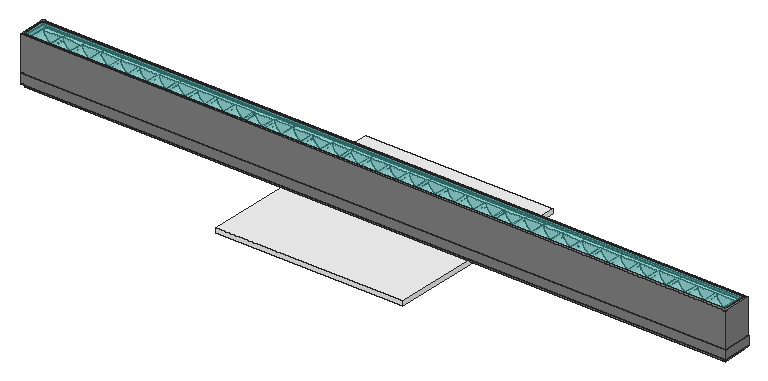
Revit family "BE_24317_de_DE", category Leuchten, Revit 2020
Family settings
  Basisbauteil = Fläche
  Bemaßung runder Anschluss = Durchmesser verwenden
  Teiletyp = Normal
  Beim Laden mit Abzugskörper schneiden = Ja
  Lichtquelle = Ja
  Gemeinsam genutzt = Nein
  Raumberechnungspunkt = Ja
Parameters (values of type "BEGA_24317_Grafit_K4")
  built-in parameter 1150104 = 16.602 (stored number, unit not read)
  Wattage = 48 W
  Default Elevation = 0 mm
  built-in parameter 1150113 = 1 (stored number, unit not read)
  built-in parameter 1114218 = 1 (stored number, unit not read)
  Umgebungstemperatur = "25 °C"
  URL = "https://www.bega.com/de/produkt/24317"
  Typenkommentare = "© 2022 BEGA. Wir behalten uns das Recht vor, technische Änderungen ohne vorherige Ankündigung vorzunehmen."  # constant formula
  Type Image = 24317.png
  built-in parameter 1150134 = 12
  built-in parameter 1150109 = 1 (stored number, unit not read)
  Strom = ""
  built-in parameter 1150110 = 1 (stored number, unit not read)
  Spannung = 239.996 V
  Sonderanfertigung = no
  Seriennummer [instance] = "Hier können Sie die eindeutige Seriennummer für das Facility Management eintragen."
  Schutzklasse = "I"
  Schutzart = "IP 65"
  Scheinlast = 0 VA
  Produktdatenblatt = "https://cdn.bega.com/bega/products/24317K3/current/documents/data-sheets/de"
  Oberflächentemperatur = ""
  Neigungswinkel = 0.00°
  Modell = "24317K4"
  Material_17 = BEGA_Reflektor
  Material_15 = BEGA_Leuchtmedium_matt
  Material_11 = BEGA_Glas_opal
  Material_09 = BEGA_Glas_klar
  Material_06 = BEGA_Oberfläche_Edelstahl_gebürstet
  Material_05 = BEGA_Oberfläche_Aluminium Guss
  Material_03 = BEGA_Oberfläche_Weiss_matt
  Material_02 = BEGA_Oberfläche_Silber_matt
  Material_01 [instance] = BEGA_Oberfläche_Grafit_matt
  M_W = no
  M_G = yes
  M_A = no
  Logo = 0
  built-in parameter 1114217 = 1 (stored number, unit not read)
  built-in parameter 1150139 = (empty or 0)
  built-in parameter 1150105 = 682.58 (stored number, unit not read)
  built-in parameter 1150114 = 1 (stored number, unit not read)
  Lumens = 8577.6 lm
  built-in parameter 1150115 = 1 (stored number, unit not read)
  Leuchtenlichtstrom = "6406 lm"
  Leuchtenanzahl = ""
  Lebensdauerkriterien = "L70B50 @ 25 °C = 200000 h"
  Lastklassifizierung = Beleuchtung
  built-in parameter 1150112 = 1 (stored number, unit not read)
  Lampenlichtstrom = "9090 lm"
  Lampe = "LED 47.4 W"
  LED_Modulbezeichnung = "LED-0771/840"
  built-in parameter 1150142 = (empty or 0)
  Hersteller = "BEGA"  # constant formula
  Halbstreuwinkel = ""
  Gewicht = "9.1 kg"
  Gebrauchslageneinschränkung [instance] = ""
  Frequenz = "0/50-60 Hz"
  Farbwiedergabeindex = "CRI > 80"
  Farbtemperaturverschiebung bei Dämpfen der Lampe = <Keine Auswahl>
  Farbtemperatur = "4000 K"
  Color Filter = 16777215
  built-in parameter 1150133 = 10 (stored number, unit not read)
  Energieeffizienzklasse = "LED A++ - A"
  built-in parameter 1150137 = (empty or 0)
  built-in parameter 1150132 = (empty or 0)
  ENEC = "ja"
  Dimmbar [instance] = "DALI"
  Datei für fotometrisches Netz = "BE_24317K4.IES"
  CE_Konformität = "ja"
  Bestellnummer = "24317K4"
  Beschreibung_Sonderanfertigung = "Hier können Sie Informationen zur Sonderanfertigung eintragen."
  Beschreibung = "Deckenaufbau-Tiefstrahler"
  built-in parameter 1150106 = 6.8258 (stored number, unit not read)
  Befestigungsbohrung = "Ø 7 mm"
  Befestigungsabstand = "1100 mm"
  Ballwurfsicher = ""
  BEGA_Intern_aus = yes
  BEGA_Intern_an = yes
  BEGA_Intern_Konstruktion = yes
  BEGA_Intern = yes
  BEGA_IES = yes
  BEGA_Dummy = no
  Anschlussleitung = ""
  Anschlussleistung [instance] = "54.4 W"
  Anschlusskasten = ""
  built-in parameter 1150107 = 4000 (stored number, unit not read)
  built-in parameter 1150102 = (empty or 0)
  built-in parameter 1150138 = (empty or 0)
  Aktualisierung = "2022-05-18T04:00:07"
  Abstand_zur_angestrahlten_Fläche [instance] = ""
  AC/DC = "AC/DC"
Types (2, lengths in mm): name | built-in parameter 1150104 | built-in parameter 1150134 | Modell | built-in parameter 1150105 | Lumens | Leuchtenlichtstrom | Lampenlichtstrom | LED_Modulbezeichnung | Farbtemperatur | Datei für fotometrisches Netz | Bestellnummer | built-in parameter 1150106 | built-in parameter 1150107
  BEGA_24317_Grafit_K4 | 16.602 (stored number, unit not read) | 12 | "24317K4" | 682.58 (stored number, unit not read) | 8577.6 lm | "6406 lm" | "9090 lm" | "LED-0771/840" | "4000 K" | "BE_24317K4.IES" | "24317K4" | 6.8258 (stored number, unit not read) | 4000 (stored number, unit not read)
  BEGA_24317_Grafit_K3 | 16.202 (stored number, unit not read) | (empty or 0) | "24317K3" | 666.16 (stored number, unit not read) | 8371.2 lm | "6209 lm" | "8850 lm" | "LED-0771/830" | "3000 K" | "BE_24317K3.IES" | "24317K3" | 6.6616 (stored number, unit not read) | 3000 (stored number, unit not read)
Reference planes
  plane 1 "Mitte (Vorne/Hinten)": y = 0
  plane 2: z = 0
  plane 3 "Mitte (Links/Rechts)": x = 0
  plane 4 "Links": x = -752
  plane 5 "Rechts": x = 752
  plane 6 "Unten": y = -30
  plane 7 "Oben": y = 30
  plane 8 "Vorne": z = 101
  plane 9 "Hinten": z = 0
Forms (mm)
  Extrusion 1, solid, material "BEGA_Platte_Weiss"
    sketch origin (0, -1119.2, 0) x (1, 0, 0) y (0, 1, 0)
      loop
        line (-200, 1319.2) -> (-200, 919.2) -> (200, 919.2) -> (200, 1319.2) -> (-200, 1319.2)
    from 0 to -10
  Extrusion 2, solid, material "BEGA_Dummy_matt", visible <- "BEGA_Dummy"
    sketch origin (80.095, -76.023, 0) x (1, 0, 0) y (0, 1, 0)
      loop
        line (-832.095, 106.023) -> (-832.095, 46.023) -> (671.905, 46.023) -> (671.905, 106.023) -> (-832.095, 106.023)
    from 0 to 101
Dimensions and locks
  plane 1 "Mitte (Vorne/Hinten)" to Extrusion 1 = 200 mm
  aligned and locked: plane 2 to Extrusion 1
  aligned and locked: level to Extrusion 1
Nested families
  nested 1: "BE_24317" at (0, 0, 0), type "BE_24317"
Connectors
  electrical at (0, 0, 0), driven by "Lastklassifizierung", driven by "Spannung", driven by "Scheinlast"
    settings: index 1, voltage 239.996 V, apparent load 0 VA, apparent load phase1 0 VA, apparent load phase2 0 VA, apparent load phase3 0 VA, power factor 1, load classification "Beleuchtung", number of poles 1, system type 31, power factor state 1, is connector primary yes, connector utility no, sub classification motor no, connector description ""
Definition of nested family "BE_24317"
  Parameters (values of type "BE_24317")
    Default Elevation = 1 mm
    URL = "http://www.bega.de/de/produkt"
    Type Comments = "© 2015 BEGA. Wir behalten uns das Recht vor, technische Änderungen ohne vorherige Ankündigung vorzunehmen. "  # constant formula
    Type Image = (empty or 0)
    Neigungswinkel_um_Z2 = 0.00°
    Neigungswinkel_um_Z1 = 0.00°
    Neigungswinkel_um_Y2 = 0.00°
    Neigungswinkel_um_Y1 = 0.00°
    Neigungswinkel_um_X2 = 0.00°
    Neigungswinkel_um_X1 = 0.00°
    Material_17 = none
    Material_15 = none
    Material_11 = none
    Material_09 = none
    Material_06 = none
    Material_05 = none
    Material_03 = none
    Material_02 = none
    Material_01 = none
    M_W = yes
    M_G = yes
    M_A = yes
    Länge_Platte = 1700 mm  # constant formula
    Höhe_Platte = -10 mm  # constant formula
    Manufacturer = "BEGA"  # constant formula
    Drehwinkel_um_Z2 = 0.00°
    Drehwinkel_um_Z1 = 0.00°
    Breite_Platte = 200 mm  # constant formula
  Reference planes
    plane 1 "Mitte (Oben/Unten)": y = 0
    plane 2: z = 0
    plane 3 "Mitte (Links/Rechts)": x = 0
    plane 4: z = 101
    plane 5: y = 30
    plane 6: y = -30
    plane 7: x = -752
    plane 8: x = 752
  Forms (mm)
    Extrusion 1, solid, detail levels medium
      sketch origin (0, 0, 0) x (1, 0, 0) y (0, 1, 0)
        loop
          line (-850, 100) -> (-850, -100) -> (850, -100) -> (850, 100) -> (-850, 100)
      from 0 to -10 <- "Höhe_Platte"
    Extrusion 2, solid, material <- "Material_17", detail levels medium+fine
      sketch origin (0, 0, 0) x (1, 0, 0) y (0, 0, 1)
        loop
          line (-219.896, 71.065) -> (-217.905, 71.065)
          arc (-217.905, 71.065) -> (-209.513, 79.101) -> (-205.033, 89.821) r 28.453
          arc (-205.033, 89.821) -> (-200.531, 79.07) -> (-192.095, 71.026) r 28.448
          line (-192.095, 71.026) -> (-190.104, 71.026)
          arc (-190.104, 71.026) -> (-200.884, 81.497) -> (-204.535, 96.076) r 27.451
          line (-204.535, 96.076) -> (-205.537, 96.076)
          arc (-205.537, 96.076) -> (-209.167, 81.533) -> (-219.896, 71.065) r 27.451
        loop
          arc (-231.11, 71.026) -> (-241.883, 81.493) -> (-245.534, 96.064) r 27.449
          line (-245.534, 96.064) -> (-246.421, 96.064)
          arc (-246.421, 96.064) -> (-250.067, 81.523) -> (-260.809, 71.066) r 27.448
          line (-260.809, 71.066) -> (-258.842, 71.066)
          arc (-258.842, 71.066) -> (-250.41, 79.217) -> (-245.979, 90.076) r 28.466
          arc (-245.979, 90.076) -> (-241.539, 79.189) -> (-233.077, 71.026) r 28.467
          line (-233.077, 71.026) -> (-231.11, 71.026)
        loop
          arc (245.487, 96.076) -> (241.847, 81.515) -> (231.092, 71.045) r 27.451
          line (231.092, 71.045) -> (233.084, 71.045)
          arc (233.084, 71.045) -> (241.527, 79.128) -> (246.008, 89.923) r 28.451
          arc (246.008, 89.923) -> (250.453, 79.153) -> (258.842, 71.066) r 28.466
          line (258.842, 71.066) -> (260.809, 71.066)
          arc (260.809, 71.066) -> (250.064, 81.528) -> (246.421, 96.076) r 27.448
          line (246.421, 96.076) -> (245.487, 96.076)
        loop
          arc (-176.905, 71.026) -> (-168.516, 79.04) -> (-164.018, 89.734) r 28.485
          arc (-164.018, 89.734) -> (-159.507, 79.033) -> (-151.095, 71.026) r 28.447
          line (-151.095, 71.026) -> (-149.107, 71.026)
          arc (-149.107, 71.026) -> (-159.887, 81.497) -> (-163.538, 96.076) r 27.451
          line (-163.538, 96.076) -> (-164.537, 96.076)
          arc (-164.537, 96.076) -> (-168.157, 81.51) -> (-178.896, 71.026) r 27.452
          line (-178.896, 71.026) -> (-176.905, 71.026)
        loop
          arc (-108.107, 71.026) -> (-118.887, 81.497) -> (-122.538, 96.076) r 27.451
          line (-122.538, 96.076) -> (-123.54, 96.076)
          arc (-123.54, 96.076) -> (-127.17, 81.533) -> (-137.899, 71.065) r 27.451
          line (-137.899, 71.065) -> (-135.908, 71.065)
          arc (-135.908, 71.065) -> (-127.516, 79.101) -> (-123.036, 89.821) r 28.453
          arc (-123.036, 89.821) -> (-118.534, 79.07) -> (-110.098, 71.026) r 28.448
          line (-110.098, 71.026) -> (-108.107, 71.026)
        loop
          line (-96.899, 71.065) -> (-94.908, 71.065)
          arc (-94.908, 71.065) -> (-86.517, 79.099) -> (-82.037, 89.818) r 28.453
          arc (-82.037, 89.818) -> (-77.535, 79.068) -> (-69.1, 71.026) r 28.448
          line (-69.1, 71.026) -> (-67.108, 71.026)
          arc (-67.108, 71.026) -> (-77.889, 81.497) -> (-81.539, 96.076) r 27.451
          line (-81.539, 96.076) -> (-82.54, 96.076)
          arc (-82.54, 96.076) -> (-86.17, 81.533) -> (-96.899, 71.065) r 27.451
        loop
          arc (55.889, 71.045) -> (45.134, 81.515) -> (41.494, 96.076) r 27.451
          line (41.494, 96.076) -> (40.492, 96.076)
          arc (40.492, 96.076) -> (36.851, 81.515) -> (26.097, 71.045) r 27.451
          line (26.097, 71.045) -> (28.088, 71.045)
          arc (28.088, 71.045) -> (36.502, 79.085) -> (40.993, 89.821) r 28.451
          arc (40.993, 89.821) -> (45.484, 79.085) -> (53.898, 71.045) r 28.451
          line (53.898, 71.045) -> (55.889, 71.045)
        loop
          line (67.097, 71.045) -> (69.088, 71.045)
          arc (69.088, 71.045) -> (77.501, 79.084) -> (81.992, 89.818) r 28.451
          arc (81.992, 89.818) -> (86.483, 79.084) -> (94.896, 71.045) r 28.451
          line (94.896, 71.045) -> (96.887, 71.045)
          arc (96.887, 71.045) -> (86.133, 81.515) -> (82.492, 96.076) r 27.451
          line (82.492, 96.076) -> (81.492, 96.076)
          arc (81.492, 96.076) -> (77.851, 81.515) -> (67.097, 71.045) r 27.451
        loop
          arc (14.886, 71.045) -> (4.133, 81.515) -> (0.494, 96.076) r 27.451
          line (0.494, 96.076) -> (-0.505, 96.076)
          arc (-0.505, 96.076) -> (-4.146, 81.506) -> (-14.9, 71.024) r 27.487
          line (-14.9, 71.024) -> (-12.912, 71.024)
          arc (-12.912, 71.024) -> (-4.497, 79.072) -> (-0.005, 89.816) r 28.486
          arc (-0.005, 89.816) -> (4.486, 79.083) -> (12.898, 71.045) r 28.449
          line (12.898, 71.045) -> (14.886, 71.045)
        loop
          line (-55.9, 71.065) -> (-53.909, 71.065)
          arc (-53.909, 71.065) -> (-45.519, 79.099) -> (-41.039, 89.816) r 28.453
          arc (-41.039, 89.816) -> (-36.536, 79.057) -> (-28.1, 71.004) r 28.485
          line (-28.1, 71.004) -> (-26.108, 71.004)
          arc (-26.108, 71.004) -> (-36.889, 81.488) -> (-40.539, 96.076) r 27.487
          line (-40.539, 96.076) -> (-41.541, 96.076)
          arc (-41.541, 96.076) -> (-45.172, 81.533) -> (-55.9, 71.065) r 27.451
        loop
          line (108.095, 71.045) -> (110.087, 71.045)
          arc (110.087, 71.045) -> (118.5, 79.085) -> (122.991, 89.821) r 28.451
          arc (122.991, 89.821) -> (127.482, 79.085) -> (135.896, 71.045) r 28.451
          line (135.896, 71.045) -> (137.887, 71.045)
          arc (137.887, 71.045) -> (127.133, 81.515) -> (123.492, 96.076) r 27.451
          line (123.492, 96.076) -> (122.49, 96.076)
          arc (122.49, 96.076) -> (118.85, 81.515) -> (108.095, 71.045) r 27.451
        loop
          line (149.098, 71.045) -> (151.086, 71.045)
          arc (151.086, 71.045) -> (159.5, 79.085) -> (163.99, 89.821) r 28.449
          arc (163.99, 89.821) -> (168.481, 79.085) -> (176.896, 71.045) r 28.449
          line (176.896, 71.045) -> (178.884, 71.045)
          arc (178.884, 71.045) -> (168.13, 81.515) -> (164.489, 96.076) r 27.451
          line (164.489, 96.076) -> (163.49, 96.076)
          arc (163.49, 96.076) -> (159.851, 81.515) -> (149.098, 71.045) r 27.451
        loop
          arc (219.884, 71.045) -> (209.13, 81.515) -> (205.489, 96.076) r 27.451
          line (205.489, 96.076) -> (204.487, 96.076)
          arc (204.487, 96.076) -> (200.847, 81.515) -> (190.092, 71.045) r 27.451
          line (190.092, 71.045) -> (192.084, 71.045)
          arc (192.084, 71.045) -> (200.498, 79.085) -> (204.988, 89.821) r 28.451
          arc (204.988, 89.821) -> (209.479, 79.085) -> (217.893, 71.045) r 28.451
          line (217.893, 71.045) -> (219.884, 71.045)
        loop
          arc (-272.023, 71.066) -> (-282.772, 81.527) -> (-286.418, 96.076) r 27.45
          line (-286.418, 96.076) -> (-287.42, 96.076)
          arc (-287.42, 96.076) -> (-291.06, 81.515) -> (-301.815, 71.045) r 27.451
          line (-301.815, 71.045) -> (-299.824, 71.045)
          arc (-299.824, 71.045) -> (-291.406, 79.09) -> (-286.917, 89.833) r 28.451
          arc (-286.917, 89.833) -> (-282.425, 79.102) -> (-274.014, 71.066) r 28.45
          line (-274.014, 71.066) -> (-272.023, 71.066)
        loop
          line (-315.014, 71.045) -> (-313.023, 71.045)
          arc (-313.023, 71.045) -> (-323.778, 81.515) -> (-327.418, 96.076) r 27.451
          line (-327.418, 96.076) -> (-328.417, 96.076)
          arc (-328.417, 96.076) -> (-332.058, 81.515) -> (-342.812, 71.045) r 27.451
          line (-342.812, 71.045) -> (-340.824, 71.045)
          arc (-340.824, 71.045) -> (-332.409, 79.085) -> (-327.918, 89.821) r 28.449
          arc (-327.918, 89.821) -> (-323.427, 79.085) -> (-315.014, 71.045) r 28.449
        loop
          line (-383.812, 71.045) -> (-381.821, 71.045)
          arc (-381.821, 71.045) -> (-373.407, 79.085) -> (-368.916, 89.821) r 28.451
          arc (-368.916, 89.821) -> (-364.425, 79.085) -> (-356.011, 71.045) r 28.451
          line (-356.011, 71.045) -> (-354.02, 71.045)
          arc (-354.02, 71.045) -> (-364.775, 81.515) -> (-368.415, 96.076) r 27.451
          line (-368.415, 96.076) -> (-369.417, 96.076)
          arc (-369.417, 96.076) -> (-373.058, 81.515) -> (-383.812, 71.045) r 27.451
        loop
          arc (-395.02, 71.045) -> (-405.775, 81.515) -> (-409.415, 96.076) r 27.451
          line (-409.415, 96.076) -> (-410.416, 96.076)
          arc (-410.416, 96.076) -> (-414.056, 81.515) -> (-424.811, 71.045) r 27.451
          line (-424.811, 71.045) -> (-422.819, 71.045)
          arc (-422.819, 71.045) -> (-414.407, 79.084) -> (-409.915, 89.818) r 28.451
          arc (-409.915, 89.818) -> (-405.424, 79.084) -> (-397.011, 71.045) r 28.451
          line (-397.011, 71.045) -> (-395.02, 71.045)
        loop
          arc (-436.019, 71.045) -> (-446.773, 81.515) -> (-450.414, 96.076) r 27.451
          line (-450.414, 96.076) -> (-451.416, 96.076)
          arc (-451.416, 96.076) -> (-455.056, 81.515) -> (-465.811, 71.045) r 27.451
          line (-465.811, 71.045) -> (-463.819, 71.045)
          arc (-463.819, 71.045) -> (-455.406, 79.085) -> (-450.915, 89.821) r 28.451
          arc (-450.915, 89.821) -> (-446.424, 79.085) -> (-438.01, 71.045) r 28.451
          line (-438.01, 71.045) -> (-436.019, 71.045)
        loop
          arc (-477.019, 71.045) -> (-487.773, 81.515) -> (-491.414, 96.076) r 27.451
          line (-491.414, 96.076) -> (-492.413, 96.076)
          arc (-492.413, 96.076) -> (-496.056, 81.528) -> (-506.801, 71.066) r 27.448
          line (-506.801, 71.066) -> (-504.833, 71.066)
          arc (-504.833, 71.066) -> (-496.393, 79.229) -> (-491.966, 90.104) r 28.466
          arc (-491.966, 90.104) -> (-487.503, 79.203) -> (-479.007, 71.045) r 28.449
          line (-479.007, 71.045) -> (-477.019, 71.045)
        loop
          line (272.023, 71.066) -> (274.014, 71.066)
          arc (274.014, 71.066) -> (282.425, 79.102) -> (286.917, 89.833) r 28.45
          arc (286.917, 89.833) -> (291.406, 79.09) -> (299.824, 71.045) r 28.451
          line (299.824, 71.045) -> (301.815, 71.045)
          arc (301.815, 71.045) -> (291.06, 81.515) -> (287.42, 96.076) r 27.451
          line (287.42, 96.076) -> (286.418, 96.076)
          arc (286.418, 96.076) -> (282.772, 81.527) -> (272.023, 71.066) r 27.45
        loop
          arc (315.014, 71.045) -> (323.427, 79.085) -> (327.918, 89.821) r 28.449
          arc (327.918, 89.821) -> (332.409, 79.085) -> (340.824, 71.045) r 28.449
          line (340.824, 71.045) -> (342.812, 71.045)
          arc (342.812, 71.045) -> (332.058, 81.515) -> (328.417, 96.076) r 27.451
          line (328.417, 96.076) -> (327.418, 96.076)
          arc (327.418, 96.076) -> (323.778, 81.515) -> (313.023, 71.045) r 27.451
          line (313.023, 71.045) -> (315.014, 71.045)
        loop
          arc (383.812, 71.045) -> (373.058, 81.515) -> (369.417, 96.076) r 27.451
          line (369.417, 96.076) -> (368.415, 96.076)
          arc (368.415, 96.076) -> (364.775, 81.515) -> (354.02, 71.045) r 27.451
          line (354.02, 71.045) -> (356.011, 71.045)
          arc (356.011, 71.045) -> (364.425, 79.085) -> (368.916, 89.821) r 28.451
          arc (368.916, 89.821) -> (373.407, 79.085) -> (381.821, 71.045) r 28.451
          line (381.821, 71.045) -> (383.812, 71.045)
        loop
          line (395.02, 71.045) -> (397.011, 71.045)
          arc (397.011, 71.045) -> (405.424, 79.084) -> (409.915, 89.818) r 28.451
          arc (409.915, 89.818) -> (414.407, 79.084) -> (422.819, 71.045) r 28.451
          line (422.819, 71.045) -> (424.811, 71.045)
          arc (424.811, 71.045) -> (414.056, 81.515) -> (410.416, 96.076) r 27.451
          line (410.416, 96.076) -> (409.415, 96.076)
          arc (409.415, 96.076) -> (405.775, 81.515) -> (395.02, 71.045) r 27.451
        loop
          line (436.019, 71.045) -> (438.01, 71.045)
          arc (438.01, 71.045) -> (446.424, 79.085) -> (450.915, 89.821) r 28.451
          arc (450.915, 89.821) -> (455.406, 79.085) -> (463.819, 71.045) r 28.451
          line (463.819, 71.045) -> (465.811, 71.045)
          arc (465.811, 71.045) -> (455.056, 81.515) -> (451.416, 96.076) r 27.451
          line (451.416, 96.076) -> (450.414, 96.076)
          arc (450.414, 96.076) -> (446.773, 81.515) -> (436.019, 71.045) r 27.451
        loop
          line (477.019, 71.045) -> (479.007, 71.045)
          arc (479.007, 71.045) -> (487.503, 79.203) -> (491.966, 90.103) r 28.449
          arc (491.966, 90.103) -> (496.394, 79.228) -> (504.833, 71.066) r 28.467
          line (504.833, 71.066) -> (506.801, 71.066)
          arc (506.801, 71.066) -> (496.056, 81.528) -> (492.413, 96.076) r 27.449
          line (492.413, 96.076) -> (491.414, 96.076)
          arc (491.414, 96.076) -> (487.773, 81.515) -> (477.019, 71.045) r 27.451
        loop
          arc (-518.015, 71.066) -> (-528.764, 81.527) -> (-532.41, 96.076) r 27.45
          line (-532.41, 96.076) -> (-533.412, 96.076)
          arc (-533.412, 96.076) -> (-537.052, 81.515) -> (-547.807, 71.045) r 27.451
          line (-547.807, 71.045) -> (-545.816, 71.045)
          arc (-545.816, 71.045) -> (-537.398, 79.09) -> (-532.908, 89.833) r 28.451
          arc (-532.908, 89.833) -> (-528.417, 79.102) -> (-520.006, 71.066) r 28.45
          line (-520.006, 71.066) -> (-518.015, 71.066)
        loop
          line (-561.006, 71.045) -> (-559.015, 71.045)
          arc (-559.015, 71.045) -> (-569.769, 81.515) -> (-573.41, 96.076) r 27.451
          line (-573.41, 96.076) -> (-574.409, 96.076)
          arc (-574.409, 96.076) -> (-578.049, 81.515) -> (-588.804, 71.045) r 27.451
          line (-588.804, 71.045) -> (-586.815, 71.045)
          arc (-586.815, 71.045) -> (-578.401, 79.085) -> (-573.909, 89.821) r 28.449
          arc (-573.909, 89.821) -> (-569.419, 79.085) -> (-561.006, 71.045) r 28.449
        loop
          line (-629.804, 71.045) -> (-627.813, 71.045)
          arc (-627.813, 71.045) -> (-619.399, 79.085) -> (-614.908, 89.821) r 28.451
          arc (-614.908, 89.821) -> (-610.417, 79.085) -> (-602.003, 71.045) r 28.451
          line (-602.003, 71.045) -> (-600.012, 71.045)
          arc (-600.012, 71.045) -> (-610.766, 81.515) -> (-614.407, 96.076) r 27.451
          line (-614.407, 96.076) -> (-615.409, 96.076)
          arc (-615.409, 96.076) -> (-619.049, 81.515) -> (-629.804, 71.045) r 27.451
        loop
          arc (-641.012, 71.045) -> (-651.766, 81.515) -> (-655.407, 96.076) r 27.451
          line (-655.407, 96.076) -> (-656.407, 96.076)
          arc (-656.407, 96.076) -> (-660.048, 81.515) -> (-670.802, 71.045) r 27.451
          line (-670.802, 71.045) -> (-668.811, 71.045)
          arc (-668.811, 71.045) -> (-660.398, 79.084) -> (-655.907, 89.818) r 28.451
          arc (-655.907, 89.818) -> (-651.416, 79.084) -> (-643.003, 71.045) r 28.451
          line (-643.003, 71.045) -> (-641.012, 71.045)
        loop
          arc (-682.01, 71.045) -> (-692.765, 81.515) -> (-696.405, 96.076) r 27.451
          line (-696.405, 96.076) -> (-697.407, 96.076)
          arc (-697.407, 96.076) -> (-701.048, 81.515) -> (-711.802, 71.045) r 27.451
          line (-711.802, 71.045) -> (-709.811, 71.045)
          arc (-709.811, 71.045) -> (-701.397, 79.085) -> (-696.906, 89.821) r 28.451
          arc (-696.906, 89.821) -> (-692.416, 79.085) -> (-684.002, 71.045) r 28.451
          line (-684.002, 71.045) -> (-682.01, 71.045)
        loop
          arc (-723.01, 71.045) -> (-733.765, 81.515) -> (-737.405, 96.076) r 27.451
          line (-737.405, 96.076) -> (-738.405, 96.076)
          arc (-738.405, 96.076) -> (-735.048, 81.768) -> (-724.999, 71.045) r 28.449
          line (-724.999, 71.045) -> (-723.01, 71.045)
        loop
          line (518.015, 71.066) -> (520.006, 71.066)
          arc (520.006, 71.066) -> (528.417, 79.102) -> (532.909, 89.833) r 28.45
          arc (532.909, 89.833) -> (537.398, 79.09) -> (545.816, 71.045) r 28.451
          line (545.816, 71.045) -> (547.807, 71.045)
          arc (547.807, 71.045) -> (537.052, 81.515) -> (533.412, 96.076) r 27.451
          line (533.412, 96.076) -> (532.41, 96.076)
          arc (532.41, 96.076) -> (528.764, 81.527) -> (518.015, 71.066) r 27.45
        loop
          arc (561.006, 71.045) -> (569.419, 79.085) -> (573.909, 89.821) r 28.449
          arc (573.909, 89.821) -> (578.401, 79.085) -> (586.815, 71.045) r 28.449
          line (586.815, 71.045) -> (588.804, 71.045)
          arc (588.804, 71.045) -> (578.049, 81.515) -> (574.409, 96.076) r 27.451
          line (574.409, 96.076) -> (573.41, 96.076)
          arc (573.41, 96.076) -> (569.769, 81.515) -> (559.015, 71.045) r 27.451
          line (559.015, 71.045) -> (561.006, 71.045)
        loop
          arc (629.804, 71.045) -> (619.049, 81.515) -> (615.409, 96.076) r 27.451
          line (615.409, 96.076) -> (614.407, 96.076)
          arc (614.407, 96.076) -> (610.766, 81.515) -> (600.012, 71.045) r 27.451
          line (600.012, 71.045) -> (602.003, 71.045)
          arc (602.003, 71.045) -> (610.417, 79.085) -> (614.908, 89.821) r 28.451
          arc (614.908, 89.821) -> (619.399, 79.085) -> (627.813, 71.045) r 28.451
          line (627.813, 71.045) -> (629.804, 71.045)
        loop
          line (641.012, 71.045) -> (643.003, 71.045)
          arc (643.003, 71.045) -> (651.416, 79.084) -> (655.907, 89.818) r 28.451
          arc (655.907, 89.818) -> (660.398, 79.084) -> (668.811, 71.045) r 28.451
          line (668.811, 71.045) -> (670.802, 71.045)
          arc (670.802, 71.045) -> (660.048, 81.515) -> (656.407, 96.076) r 27.451
          line (656.407, 96.076) -> (655.407, 96.076)
          arc (655.407, 96.076) -> (651.766, 81.515) -> (641.012, 71.045) r 27.451
        loop
          line (682.01, 71.045) -> (684.002, 71.045)
          arc (684.002, 71.045) -> (692.416, 79.085) -> (696.906, 89.821) r 28.451
          arc (696.906, 89.821) -> (701.397, 79.085) -> (709.811, 71.045) r 28.451
          line (709.811, 71.045) -> (711.802, 71.045)
          arc (711.802, 71.045) -> (701.048, 81.515) -> (697.407, 96.076) r 27.451
          line (697.407, 96.076) -> (696.405, 96.076)
          arc (696.405, 96.076) -> (692.765, 81.515) -> (682.01, 71.045) r 27.451
        loop
          line (723.01, 71.045) -> (724.999, 71.045)
          arc (724.999, 71.045) -> (735.048, 81.768) -> (738.405, 96.076) r 28.449
          line (738.405, 96.076) -> (737.405, 96.076)
          arc (737.405, 96.076) -> (733.765, 81.515) -> (723.01, 71.045) r 27.451
      from -21 to 21
    Sweep 3, solid, material <- "Material_01", detail levels medium+fine
      path origin (0, 0, 0) x (1, 0, 0) y (0, 1, 0)
        loop
          line (-752, 30) -> (-752, -30) -> (752, -30) -> (752, 30) -> (-752, 30)
      profile origin (0, 30, 0) x (0, 1, 0) y (0, 0, 1)
        loop
          line (-0.5, 101) -> (-3.044, 101) -> (-4.682, 96.5) -> (-8.994, 96.5) -> (-8.994, 94) -> (-2.8, 94) -> (-2.8, 26) -> (-0.5, 26)
          arc (-0.5, 26) -> (-0.146, 26.146) -> (0, 26.5) r 0.5
          line (0, 26.5) -> (0, 100.5)
          arc (0, 100.5) -> (-0.146, 100.854) -> (-0.5, 101) r 0.5
    Extrusion 4, solid, material <- "Material_01", detail levels medium+fine
      sketch origin (0, 0, 0) x (1, 0, 0) y (0, 0, 1)
        loop
          line (-738.405, 94) -> (-738.405, 96.5) -> (-745.226, 96.5) -> (-745.226, 94) -> (-738.405, 94)
        loop
          line (738.405, 94) -> (745.226, 94) -> (745.226, 96.5) -> (738.405, 96.5) -> (738.405, 94)
      from -22.05 to 22.05
    Extrusion 5, solid, material <- "Material_09", detail levels medium+fine
      sketch origin (0, 0, 0) x (0, 1, 0) y (0, 0, 1)
        loop
          line (25, 96.7) -> (25, 100.7) -> (-25, 100.7) -> (-25, 96.7) -> (25, 96.7)
      from -747.318 to 747.318
    Extrusion 6, solid, material <- "Material_15", detail levels medium+fine
      sketch origin (0, 13.25, 0) x (1, 0, 0) y (0, 1, 0)
        loop
          line (-228.7, 3.2) -> (-228.7, -3.2) -> (-222.3, -3.2) -> (-222.3, 3.2) -> (-228.7, 3.2)
        loop
          line (-187.7, 3.2) -> (-187.7, -3.2) -> (-181.3, -3.2) -> (-181.3, 3.2) -> (-187.7, 3.2)
        loop
          line (-146.703, 3.2) -> (-146.703, -3.2) -> (-140.303, -3.2) -> (-140.303, 3.2) -> (-146.703, 3.2)
        loop
          line (-105.703, 3.2) -> (-105.703, -3.2) -> (-99.303, -3.2) -> (-99.303, 3.2) -> (-105.703, 3.2)
        loop
          line (-64.704, 3.2) -> (-64.704, -3.2) -> (-58.304, -3.2) -> (-58.304, 3.2) -> (-64.704, 3.2)
        loop
          line (-23.704, 3.2) -> (-23.704, -3.2) -> (-17.304, -3.2) -> (-17.304, 3.2) -> (-23.704, 3.2)
        loop
          line (17.293, 3.2) -> (17.293, -3.2) -> (23.693, -3.2) -> (23.693, 3.2) -> (17.293, 3.2)
        loop
          line (58.293, 3.2) -> (58.293, -3.2) -> (64.693, -3.2) -> (64.693, 3.2) -> (58.293, 3.2)
        loop
          line (99.291, 3.2) -> (99.291, -3.2) -> (105.691, -3.2) -> (105.691, 3.2) -> (99.291, 3.2)
        loop
          line (140.291, 3.2) -> (140.291, -3.2) -> (146.691, -3.2) -> (146.691, 3.2) -> (140.291, 3.2)
        loop
          line (181.288, 3.2) -> (181.288, -3.2) -> (187.688, -3.2) -> (187.688, 3.2) -> (181.288, 3.2)
        loop
          line (222.288, 3.2) -> (222.288, -3.2) -> (228.688, -3.2) -> (228.688, 3.2) -> (222.288, 3.2)
        loop
          line (-269.7, 3.2) -> (-269.7, -3.2) -> (-263.3, -3.2) -> (-263.3, 3.2) -> (-269.7, 3.2)
        loop
          line (-310.7, 3.2) -> (-310.7, -3.2) -> (-304.3, -3.2) -> (-304.3, 3.2) -> (-310.7, 3.2)
        loop
          line (-351.7, 3.2) -> (-351.7, -3.2) -> (-345.3, -3.2) -> (-345.3, 3.2) -> (-351.7, 3.2)
        loop
          line (-392.7, 3.2) -> (-392.7, -3.2) -> (-386.3, -3.2) -> (-386.3, 3.2) -> (-392.7, 3.2)
        loop
          line (-433.7, 3.2) -> (-433.7, -3.2) -> (-427.3, -3.2) -> (-427.3, 3.2) -> (-433.7, 3.2)
        loop
          line (-474.7, 3.2) -> (-474.7, -3.2) -> (-468.3, -3.2) -> (-468.3, 3.2) -> (-474.7, 3.2)
        loop
          line (269.7, 3.2) -> (263.3, 3.2) -> (263.3, -3.2) -> (269.7, -3.2) -> (269.7, 3.2)
        loop
          line (310.7, 3.2) -> (304.3, 3.2) -> (304.3, -3.2) -> (310.7, -3.2) -> (310.7, 3.2)
        loop
          line (351.7, 3.2) -> (345.3, 3.2) -> (345.3, -3.2) -> (351.7, -3.2) -> (351.7, 3.2)
        loop
          line (392.7, 3.2) -> (386.3, 3.2) -> (386.3, -3.2) -> (392.7, -3.2) -> (392.7, 3.2)
        loop
          line (433.7, 3.2) -> (427.3, 3.2) -> (427.3, -3.2) -> (433.7, -3.2) -> (433.7, 3.2)
        loop
          line (474.7, 3.2) -> (468.3, 3.2) -> (468.3, -3.2) -> (474.7, -3.2) -> (474.7, 3.2)
        loop
          line (-515.7, 3.2) -> (-515.7, -3.2) -> (-509.3, -3.2) -> (-509.3, 3.2) -> (-515.7, 3.2)
        loop
          line (-556.7, 3.2) -> (-556.7, -3.2) -> (-550.3, -3.2) -> (-550.3, 3.2) -> (-556.7, 3.2)
        loop
          line (-597.7, 3.2) -> (-597.7, -3.2) -> (-591.3, -3.2) -> (-591.3, 3.2) -> (-597.7, 3.2)
        loop
          line (-638.7, 3.2) -> (-638.7, -3.2) -> (-632.3, -3.2) -> (-632.3, 3.2) -> (-638.7, 3.2)
        loop
          line (-679.7, 3.2) -> (-679.7, -3.2) -> (-673.3, -3.2) -> (-673.3, 3.2) -> (-679.7, 3.2)
        loop
          line (-720.7, 3.2) -> (-720.7, -3.2) -> (-714.3, -3.2) -> (-714.3, 3.2) -> (-720.7, 3.2)
        loop
          line (515.7, 3.2) -> (509.3, 3.2) -> (509.3, -3.2) -> (515.7, -3.2) -> (515.7, 3.2)
        loop
          line (556.7, 3.2) -> (550.3, 3.2) -> (550.3, -3.2) -> (556.7, -3.2) -> (556.7, 3.2)
        loop
          line (597.7, 3.2) -> (591.3, 3.2) -> (591.3, -3.2) -> (597.7, -3.2) -> (597.7, 3.2)
        loop
          line (638.7, 3.2) -> (632.3, 3.2) -> (632.3, -3.2) -> (638.7, -3.2) -> (638.7, 3.2)
        loop
          line (679.7, 3.2) -> (673.3, 3.2) -> (673.3, -3.2) -> (679.7, -3.2) -> (679.7, 3.2)
        loop
          line (720.7, 3.2) -> (714.3, 3.2) -> (714.3, -3.2) -> (720.7, -3.2) -> (720.7, 3.2)
      from 70 to 69.119
    Sweep 7, solid, material <- "Material_01", detail levels medium+fine
      path origin (0, 0, 0) x (1, 0, 0) y (0, 1, 0)
        loop
          line (752, 30) -> (-752, 30) -> (-752, -30) -> (752, -30) -> (752, 30)
      profile origin (0, 30, 0) x (0, -1, 0) y (0, 0, 1)
        loop
          arc (0, 6.5) -> (0.146, 6.146) -> (0.5, 6) r 0.5
          line (0.5, 6) -> (5, 6) -> (5, 0) -> (25, 0) -> (25, 10) -> (4, 10) -> (4, 26) -> (0, 26) -> (0, 6.5)
    Extrusion 8, solid, material <- "Material_01", detail levels medium+fine
      sketch origin (0, 0, 0) x (0, 1, 0) y (0, 0, 1)
        loop
          line (5, 10) -> (-5, 10) -> (-5, 0) -> (5, 0) -> (5, 10)
      from 730.188 to -727
    Extrusion 9, void
      sketch origin (0, 0, 0) x (1, 0, 0) y (0, 1, 0)
        loop
          arc (-80, 20) -> (-100, 0) -> (-80, -20) r 20
          line (-80, -20) -> (80, -20)
          arc (80, -20) -> (100, 0) -> (80, 20) r 20
          line (80, 20) -> (-80, 20)
        loop
          arc (545, 3.5) -> (541.5, 0) -> (545, -3.5) r 3.5
          line (545, -3.5) -> (555, -3.5)
          arc (555, -3.5) -> (558.5, 0) -> (555, 3.5) r 3.5
          line (555, 3.5) -> (545, 3.5)
        loop
          arc (-553.5, -5) -> (-550, -8.5) -> (-546.5, -5) r 3.5
          line (-546.5, -5) -> (-546.5, 5)
          arc (-546.5, 5) -> (-550, 8.5) -> (-553.5, 5) r 3.5
          line (-553.5, 5) -> (-553.5, -5)
      from 11.948 to -0.793
    Extrusion 10, solid, material <- "Material_17", detail levels medium+fine
      sketch origin (0, 0, 0) x (0, 1, 0) y (0, 0, 1)
        loop
          line (21, 96.045) -> (12.5, 96.045) -> (17.09, 71.045) -> (18.106, 71.045) -> (13.7, 95.045) -> (21, 95.045) -> (21, 96.045)
        loop
          line (-20, 96.045) -> (-21.259, 96.045)
          arc (-21.259, 96.045) -> (-8.634, 82.264) -> (6.314, 71.045) r 101.002
          line (6.314, 71.045) -> (8.25, 71.045)
          arc (8.25, 71.045) -> (-7.065, 82.201) -> (-20, 96.045) r 100.002
      from 738.85 to -738.85
    Revolve 11, solid, material <- "Material_06", detail levels fine
      sketch origin (450, 0, 0) x (0, 1, 0) y (0, 0, -1)
        loop
          line (30, -22.75) -> (32.2, -22.75) -> (32.2, -18.8) -> (30, -18.8) -> (30, -22.75)
        axis (30, -18.8) -> (32.2, -18.8)
      angle from 0 to 360
    Revolve 12, solid, material <- "Material_06", detail levels fine
      sketch origin (-450, 0, 0) x (0, 1, 0) y (0, 0, 1)
        loop
          line (30, 22.75) -> (30, 18.8) -> (32.2, 18.8) -> (32.2, 22.75) -> (30, 22.75)
        axis (30, 18.8) -> (32.2, 18.8)
      angle from 0 to 360
  Cuts and joins
    joined: Sweep 3, Extrusion 4
    Extrusion 9 cuts Sweep 7
    Extrusion 9 cuts Extrusion 8
    joined: Sweep 7, Extrusion 8
    joined: Extrusion 2, Extrusion 10
  Dimensions and locks
    equal spacing: Extrusion 1 sketch curve, plane 3 "Mitte (Links/Rechts)", Extrusion 1 sketch curve
    equal spacing: Extrusion 1 sketch curve, plane 1 "Mitte (Oben/Unten)", Extrusion 1 sketch curve
    "Länge_Platte": Extrusion 1 sketch curve to Extrusion 1 sketch curve
    "Breite_Platte": Extrusion 1 sketch curve to Extrusion 1 sketch curve
    aligned and locked: Extrusion 1 to plane 2
    aligned and locked: level to Extrusion 1
  Automatic sketch dimensions
    Sweep 3 sketch curve to plane 6 = 0 mm
    Sweep 3 sketch curve to plane 5 = 0 mm
    Sweep 3 sketch curve to profile plane = 0 mm
    profile plane to Sweep 3 sketch curve = 0.5 mm
    Sweep 3 sketch curve to Sweep 3 sketch curve = 0.5 mm
    Sweep 3 sketch curve to Sweep 3 sketch curve = 2.3 mm
    Sweep 3 sketch curve to Sweep 3 sketch curve = 2.544 mm
    Sweep 3 sketch curve to Sweep 3 sketch curve = 1.882 mm
    Sweep 3 sketch curve to Sweep 3 sketch curve = 4.312 mm
    level to Sweep 3 sketch curve = 26 mm
    Sweep 3 sketch curve to Sweep 3 sketch curve = 67.5 mm
    Sweep 3 sketch curve to Sweep 3 sketch curve = 2.5 mm
    Sweep 3 sketch curve to Sweep 3 sketch curve = 4 mm
    Extrusion 5 sketch curve to plane 6 = 5 mm
    Extrusion 5 sketch curve to plane 4 = 0.3 mm
    Extrusion 5 sketch curve to plane 5 = 5 mm
    Extrusion 5 sketch curve to Extrusion 5 sketch curve = 4 mm
    Sweep 7 sketch curve to plane 5 = 0 mm
    Sweep 7 sketch curve to plane 6 = 0 mm
    Sweep 7 sketch curve to profile plane = 0 mm
    Sweep 7 sketch curve to level = 0 mm
    Sweep 7 sketch curve to Sweep 7 sketch curve = 0.5 mm
    Sweep 7 sketch curve to Sweep 7 sketch curve = 4 mm  (x2)
    Sweep 7 sketch curve to Sweep 7 sketch curve = 1 mm
    Sweep 7 sketch curve to Sweep 7 sketch curve = 20 mm
    Sweep 7 sketch curve to Sweep 7 sketch curve = 6 mm
    Sweep 7 sketch curve to Sweep 7 sketch curve = 16 mm
    Extrusion 8 sketch curve to level = 0 mm
    plane 1 "Mitte (Oben/Unten)" to Extrusion 8 sketch curve = 5 mm
    Extrusion 8 sketch curve to plane 1 "Mitte (Oben/Unten)" = 5 mm
    Extrusion 8 sketch curve to Extrusion 8 sketch curve = 10 mm
    plane 1 "Mitte (Oben/Unten)" to Extrusion 9 sketch curve = 0 mm  (x2)
    plane 1 "Mitte (Oben/Unten)" to Extrusion 9 sketch curve = 5 mm
    Extrusion 9 sketch curve to Extrusion 9 sketch curve = 3.5 mm
    Extrusion 9 sketch curve to plane 6 = 10 mm
    Extrusion 9 sketch curve to plane 3 "Mitte (Links/Rechts)" = 80 mm
    plane 3 "Mitte (Links/Rechts)" to Extrusion 9 sketch curve = 80 mm
    plane 1 "Mitte (Oben/Unten)" to Extrusion 9 sketch curve = 3.5 mm
    Extrusion 9 sketch curve to Extrusion 9 sketch curve = 10 mm
    Extrusion 9 sketch curve to plane 1 "Mitte (Oben/Unten)" = 5 mm
    Extrusion 9 sketch curve to Extrusion 9 sketch curve = 0 mm
    Extrusion 10 sketch curve to Extrusion 10 sketch curve = 0 mm  (x3)
    Extrusion 10 sketch curve to plane 6 = 8.741 mm
    Extrusion 10 sketch curve to Extrusion 10 sketch curve = 1.259 mm
    Extrusion 10 sketch curve to plane 1 "Mitte (Oben/Unten)" = 6.314 mm
    Extrusion 10 sketch curve to Extrusion 10 sketch curve = 1.935 mm
    Extrusion 10 sketch curve to plane 4 = 4.955 mm  (x2)
    Extrusion 10 sketch curve to plane 1 "Mitte (Oben/Unten)" = 12.5 mm
    Extrusion 10 sketch curve to Extrusion 10 sketch curve = 1.2 mm
    Extrusion 10 sketch curve to Extrusion 10 sketch curve = 8.84 mm
    Extrusion 10 sketch curve to Extrusion 10 sketch curve = 1.017 mm
    Extrusion 10 sketch curve to Extrusion 10 sketch curve = 7.3 mm
    Extrusion 10 sketch curve to Extrusion 10 sketch curve = 1 mm
    Extrusion 10 sketch curve to Extrusion 10 sketch curve = 24 mm
    Revolve 11 sketch curve to plane 5 = 0 mm
    Revolve 11 sketch curve to Revolve 11 sketch curve = 2.2 mm
    level to Revolve 11 sketch curve = 22.75 mm
    Revolve 11 sketch curve to Revolve 11 sketch curve = 3.95 mm
    Revolve 11 sketch curve to plane 5 = 2 mm
    Revolve 11 sketch curve to Revolve 11 sketch curve = 2 mm
    Revolve 11 sketch curve to Revolve 11 sketch curve = 0 mm
    Revolve 12 sketch curve to plane 5 = 0 mm
    Revolve 12 sketch curve to Revolve 12 sketch curve = 2.2 mm
    level to Revolve 12 sketch curve = 18.8 mm
    Revolve 12 sketch curve to Revolve 12 sketch curve = 3.95 mm
    Revolve 12 sketch curve to plane 5 = 2 mm
    Revolve 12 sketch curve to Revolve 12 sketch curve = 2 mm
    Revolve 12 sketch curve to Revolve 12 sketch curve = 0 mm
    Extrusion 4 sketch curve to plane 4 = 7 mm  (x2)
    Extrusion 4 sketch curve to Extrusion 4 sketch curve = 6.821 mm  (x2)
    Extrusion 4 sketch curve to Extrusion 4 sketch curve = 2.5 mm  (x2)
    Extrusion 2 sketch curve to Extrusion 2 sketch curve = 0 mm  (x147)
    Extrusion 2 sketch curve to plane 4 = 4.924 mm  (x35)
    Extrusion 2 sketch curve to Extrusion 2 sketch curve = 0.999 mm  (x9)
    Extrusion 2 sketch curve to Extrusion 2 sketch curve = 12.407 mm
    Extrusion 2 sketch curve to plane 4 = 5.8 mm  (x57)
    Extrusion 2 sketch curve to Extrusion 2 sketch curve = 12.561 mm  (x61)
    Extrusion 2 sketch curve to Extrusion 2 sketch curve = 1.988 mm  (x13)
    Extrusion 2 sketch curve to Extrusion 2 sketch curve = 11.208 mm  (x29)
    Extrusion 2 sketch curve to Extrusion 2 sketch curve = 1.991 mm  (x54)
    Extrusion 2 sketch curve to Extrusion 2 sketch curve = 1.002 mm  (x18)
    Extrusion 2 sketch curve to Extrusion 2 sketch curve = 25.81 mm  (x22)
    Extrusion 2 sketch curve to Extrusion 2 sketch curve = 14.875 mm  (x32)
    Extrusion 2 sketch curve to Extrusion 2 sketch curve = 1 mm  (x6)
    Extrusion 2 sketch curve to Extrusion 2 sketch curve = 25.808 mm  (x6)
    Extrusion 2 sketch curve to plane 4 = 5.83 mm  (x2)
    Extrusion 2 sketch curve to Extrusion 2 sketch curve = 12.432 mm  (x5)
    Extrusion 2 sketch curve to Extrusion 2 sketch curve = 0.13 mm  (x5)
    Extrusion 2 sketch curve to Extrusion 2 sketch curve = 12.56 mm  (x5)
    Extrusion 2 sketch curve to Extrusion 2 sketch curve = 25.826 mm
    Extrusion 2 sketch curve to plane 4 = 5.802 mm  (x5)
    Extrusion 2 sketch curve to Extrusion 2 sketch curve = 11.214 mm  (x5)
    Extrusion 2 sketch curve to plane 4 = 5.78 mm  (x3)
    Extrusion 2 sketch curve to Extrusion 2 sketch curve = 1.968 mm  (x4)
    Extrusion 2 sketch curve to plane 4 = 4.936 mm
    Extrusion 2 sketch curve to Extrusion 2 sketch curve = 0.887 mm
    Extrusion 2 sketch curve to Extrusion 2 sketch curve = 25.764 mm
    Extrusion 2 sketch curve to plane 4 = 5.805 mm
    Extrusion 2 sketch curve to plane 3 "Mitte (Links/Rechts)" = 13.067 mm
    Extrusion 2 sketch curve to plane 3 "Mitte (Links/Rechts)" = 0.505 mm
    plane 3 "Mitte (Links/Rechts)" to Extrusion 2 sketch curve = 0.494 mm
    plane 3 "Mitte (Links/Rechts)" to Extrusion 2 sketch curve = 12.898 mm
    Extrusion 2 sketch curve to Extrusion 2 sketch curve = 11.211 mm  (x2)
    Extrusion 2 sketch curve to Extrusion 2 sketch curve = 0.934 mm
    Extrusion 2 sketch curve to Extrusion 2 sketch curve = 25.758 mm
    Extrusion 2 sketch curve to plane 4 = 5.784 mm  (x3)
    Extrusion 2 sketch curve to Extrusion 2 sketch curve = 0.019 mm
    Extrusion 2 sketch curve to Extrusion 2 sketch curve = 24.103 mm
    Extrusion 2 sketch curve to Extrusion 2 sketch curve = 0.043 mm
    Extrusion 2 sketch curve to Extrusion 2 sketch curve = 0.046 mm  (x2)
    Extrusion 2 sketch curve to Extrusion 2 sketch curve = 0.002 mm  (x2)
    Extrusion 2 sketch curve to Extrusion 2 sketch curve = 0.447 mm
    Extrusion 2 sketch curve to Extrusion 2 sketch curve = 0.158 mm
    Extrusion 6 sketch curve to plane 1 "Mitte (Oben/Unten)" = 10.05 mm  (x25)
    Extrusion 6 sketch curve to Extrusion 6 sketch curve = 6.4 mm  (x72)
    Extrusion 6 sketch curve to plane 5 = 13.55 mm  (x11)
    Extrusion 6 sketch curve to Extrusion 6 sketch curve = 34.6 mm  (x29)
    Extrusion 6 sketch curve to Extrusion 6 sketch curve = 34.597 mm  (x2)
    Extrusion 6 sketch curve to Extrusion 6 sketch curve = 34.599 mm  (x2)
    Extrusion 6 sketch curve to plane 3 "Mitte (Links/Rechts)" = 23.704 mm
    plane 3 "Mitte (Links/Rechts)" to Extrusion 6 sketch curve = 17.293 mm
    Extrusion 6 sketch curve to Extrusion 6 sketch curve = 34.612 mm
    Extrusion 2 sketch curve to plane 3 "Mitte (Links/Rechts)" = 14.9 mm
    Extrusion 2 sketch curve to Extrusion 2 sketch curve = 14.911 mm
    Sweep 3 sketch curve to plane 3 "Mitte (Links/Rechts)" = 752 mm
    Extrusion 4 sketch curve to plane 3 "Mitte (Links/Rechts)" = 738.405 mm
    Sweep 7 sketch curve to plane 3 "Mitte (Links/Rechts)" = 752 mm
    Extrusion 9 sketch curve to Extrusion 9 sketch curve = 466.5 mm
    Extrusion 2 sketch curve to Extrusion 2 sketch curve = 12.867 mm
    plane 3 "Mitte (Links/Rechts)" to Sweep 3 sketch curve = 752 mm
    plane 3 "Mitte (Links/Rechts)" to Extrusion 4 sketch curve = 738.405 mm
    plane 3 "Mitte (Links/Rechts)" to Sweep 7 sketch curve = 752 mm
    Extrusion 9 sketch curve to Extrusion 9 sketch curve = 465 mm
